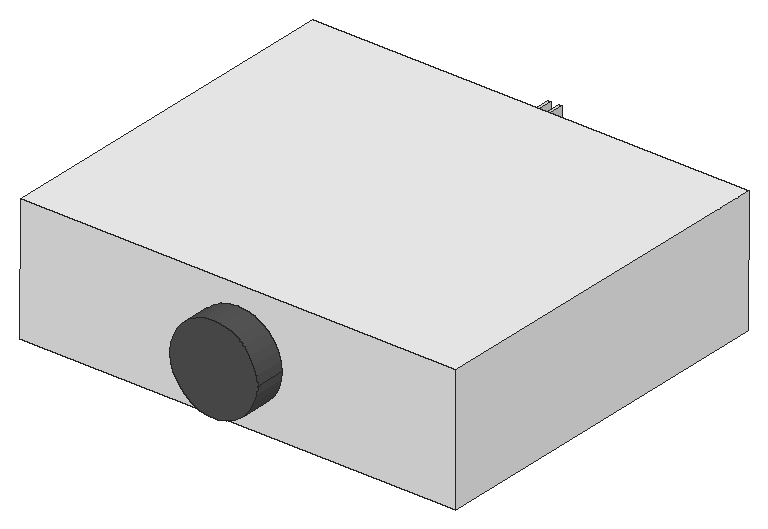
Revit family "Electronics_Masking-Loudspeakers_Biamp_Cambridge_Low-Profile-Loudspeakers_DS1390_1398", category Communication Devices, host Face, Revit 2020
Family settings
  Host = Face
  Maintain Annotation Orientation = No
  Round Connector Dimension = Use Diameter
  Part Type = Normal
  OmniClass Number = 23.85.10.11.11
  OmniClass Title = Sound and Signal Devices
  Cut with Voids When Loaded = No
  Shared = No
  Room Calculation Point = No
Parameters (values of type "DS1398 White")
  Width = 6.25"  # constant formula
  Weight = 1.75 lbf
  URL = "https://www.biamp.com/"
  Transformer Taps = "-"
  Shipping Weight = 20.80 lbf
  Shipping Dimensions = "12.80” x 10.82” x 14.29” (10-pack)"  # constant formula
  Sensitivity = "2.83 V at 1 m: 80.7dB SPL"  # constant formula
  Quantity Drivers = "2"
  Product data url = "https://www.bimobject.com/biamp/product/ds1398_masking-loudspeaker"
  Product Page URL = "https://www.biamp.com/products/product-families/cambridge/masking-loudspeakers#ds1398"
  Product Documentation Link = "https://downloads.biamp.com/assets/docs/default-source/data-sheets/biamp_data_sheet_dynasound_ds1398.pdf"
  Power Handling = "-"
  Output Power Rating = "10W continuous"
  Nominal Impedance = "4 ohm"  # constant formula
  Nominal Dispersion = "160° H x 325° V"  # constant formula
  Model = "DS1398"
  Manufacturer = "Biamp"  # constant formula
  Loudspeaker Type = "Dual horizontally opposed high performance drivers. 70.7 V"  # constant formula
  Housing Material = Biamp - Metal - White
  Height = 1.80078"  # constant formula
  Frequency Response = "-10dB down: 160Hz to 6300Hz"  # constant formula
  Driver Diameter = "4 inches × 1.5 inches (102 mm × 38 mm)"  # constant formula
  Description = "Dynasound® DS1398 Low Profile Sound Masking and Paging Speaker"
  Depth = 5.25"  # constant formula
  Default Elevation = 48.00"
  DS1398 = not(DS1390)  # yes
  DS1390 = no
  Cooling = "Front vented"  # constant formula
  Connections = "2- Wire Pigtail\r"  # constant formula
  Compliance = "ETL Listed (USA), CSA Listed (Canada)"
  Certifications = "-"
  Cabling = "2 Conductor 18AWG to 16AWG, plenum rated"  # constant formula
  Assembly Code = ""
  Offset from Installation Surface [instance] = 0.00"
Types (5): name | Weight | Transformer Taps | Shipping Weight | Quantity Drivers | Product data url | Product Page URL | Product Documentation Link | Power Handling | Output Power Rating | Model | Housing Material | Description | DS1398 | DS1390 | Compliance | Certifications
  (no name) | 1.75 lbf | "-" | 20.80 lbf | "2" | "https://www.bimobject.com/biamp/product/ds1398_masking-loudspeaker" | "https://www.biamp.com/products/product-families/cambridge/masking-loudspeakers#ds1398" | "https://downloads.biamp.com/assets/docs/default-source/data-sheets/biamp_data_sheet_dynasound_ds1398.pdf" | "-" | "10W continuous" | "DS1398" | Biamp - Metal - White | "Dynasound® DS1398 Low Profile Sound Masking and Paging Speaker" | yes | no | "ETL Listed (USA), CSA Listed (Canada)" | "-"
  DS1390 White | 2.00 lbf | "1/8,1/4, 1/2,1,2,4 watts" | 15.85 lbf | "-" | "https://www.bimobject.com/biamp/product/ds1390_masking-loudspeaker" | "https://www.biamp.com/products/product-families/cambridge/masking-loudspeakers#ds1390" | "https://downloads.biamp.com/assets/docs/default-source/data-sheets/biamp_dynasound_ds1390_data_sheet_jun21vf.pdf" | "4 Watts at 70.7 V" | "-" | "DS1390" | Biamp - Metal - White | "Dynasound® DS1390 Low Profile Sound Masking and Paging Speaker" | no | yes | "-" | "UL1480 and CSA C22.2 60065"
  DS1398 White | 1.75 lbf | "-" | 20.80 lbf | "2" | "https://www.bimobject.com/biamp/product/ds1398_masking-loudspeaker" | "https://www.biamp.com/products/product-families/cambridge/masking-loudspeakers#ds1398" | "https://downloads.biamp.com/assets/docs/default-source/data-sheets/biamp_data_sheet_dynasound_ds1398.pdf" | "-" | "10W continuous" | "DS1398" | Biamp - Metal - White | "Dynasound® DS1398 Low Profile Sound Masking and Paging Speaker" | yes | no | "ETL Listed (USA), CSA Listed (Canada)" | "-"
  DS1390 Black | 2.00 lbf | "1/8,1/4, 1/2,1,2,4 watts" | 15.85 lbf | "-" | "https://www.bimobject.com/biamp/product/ds1390_masking-loudspeaker" | "https://www.biamp.com/products/product-families/cambridge/masking-loudspeakers#ds1390" | "https://downloads.biamp.com/assets/docs/default-source/data-sheets/biamp_dynasound_ds1390_data_sheet_jun21vf.pdf" | "4 Watts at 70.7 V" | "-" | "DS1390" | Biamp - Metal - Black | "Dynasound® DS1390 Low Profile Sound Masking and Paging Speaker" | no | yes | "-" | "UL1480 and CSA C22.2 60065"
  DS1398 Black | 1.75 lbf | "-" | 20.80 lbf | "2" | "https://www.bimobject.com/biamp/product/ds1398_masking-loudspeaker" | "https://www.biamp.com/products/product-families/cambridge/masking-loudspeakers#ds1398" | "https://downloads.biamp.com/assets/docs/default-source/data-sheets/biamp_data_sheet_dynasound_ds1398.pdf" | "-" | "10W continuous" | "DS1398" | Biamp - Metal - Black | "Dynasound® DS1398 Low Profile Sound Masking and Paging Speaker" | yes | no | "ETL Listed (USA), CSA Listed (Canada)" | "-"
Reference planes (in)
  plane 1 "Center (Front/Back)": y = 0
  plane 2: z = 0
  plane 3 "Center (Left/Right)": x = 0
  plane 4: x = -3.125
  plane 5: x = 3.125
  plane 6: y = 2.625
  plane 7: y = -2.625
  plane 8: z = 1.80078
  plane 9: z = 0.90039
  plane 10: y = -3.06063
  plane 11: y = 3.06063
  plane 12: z = 0
Forms (in)
  Extrusion 1, solid, material "Biamp - Metal - White" <- "Housing Material"
    sketch origin (-3.125, -180, 0) x (-1, 0, 0) y (0, -1, 0)
      loop
        line (0, -182.625) -> (0, -177.375) -> (-6.25, -177.375) -> (-6.25, -182.625) -> (0, -182.625)
    from 0 to 1.80078
  Extrusion 2, solid, material "Biamp - Plastic - Black", detail levels medium+fine
    sketch origin (0, 0, 4) x (1, 0, 0) y (0, 0, 1)
      loop
        circle (0, -3.09961) r 0.62665
    from 2.625 to 3.06063
  Extrusion 3, solid, material "Biamp - Metal - Silver", detail levels medium+fine
    sketch origin (0, 0, 4) x (1, 0, 0) y (0, 0, 1)
      loop
        line (0.06335, -3.52322) -> (0.06335, -3.83304) -> (0.0946, -3.83304) -> (0.0946, -3.54017)
        arc (0.0946, -3.54017) -> (0.32898, -3.09961) -> (0.0946, -2.65905) r 0.53125
        line (0.0946, -2.65905) -> (0.0946, -2.36618) -> (0.06335, -2.36618) -> (0.06335, -2.676)
        arc (0.06335, -2.676) -> (0.29773, -3.09961) -> (0.06335, -3.52322) r 0.5
    from -3.06063 to -2.625
  Extrusion 4, void
    sketch origin (0.0946, 0, 0.45983) x (0, 0, 1) y (0, 1, 0)
      loop
        circle (1.04117, 2.84282) r 0.04886
      loop
        circle (-0.16006, 2.84282) r 0.04886
    from 0 to 0.18921
  Extrusion 5, solid, material "Biamp - Metal - Silver", visible <- "DS1390", detail levels medium+fine
    sketch origin (0, 0, 4) x (0, 1, 0) y (0, 0, 1)
      loop
        arc (2.96459, -2.32958) -> (2.7334, -2.35694) -> (2.625, -2.56297) r 0.25
        line (2.625, -2.56297) -> (2.625, -3.63625)
        arc (2.625, -3.63625) -> (2.7334, -3.84228) -> (2.96459, -3.86964) r 0.25
        line (2.96459, -3.86964) -> (4.51253, -3.27545)
        arc (4.51253, -3.27545) -> (4.63338, -3.09961) -> (4.51253, -2.92377) r 0.18835
        line (4.51253, -2.92377) -> (2.96459, -2.32958)
      loop
        circle (4.20347, -3.09961) r 0.12406
      loop
        circle (2.84282, -3.70022) r 0.04886
      loop
        circle (2.84282, -2.49899) r 0.04886
    from 0.01573 to -0.01425
  Extrusion 6, solid, material "Biamp - Metal - Silver", detail levels medium+fine
    sketch origin (0.0946, 0, 1.34095) x (0, 0, 1) y (0, -1, 0)
      loop
        circle (0.16006, -2.84282) r 0.04563
    from -0.18921 to 0.12065
  Extrusion 7, solid, material "Biamp - Metal - Silver", detail levels medium+fine
    sketch origin (-0.0946, 0, 0.16696) x (0, 0, 1) y (0, 1, 0)
      loop
        circle (1.33404, 2.84282) r 0.07803
    from 0.08018 to 0
  Extrusion 8, solid, material "Biamp - Metal - Silver", detail levels medium+fine
    sketch origin (0.0946, 0, 0.45983) x (0, 0, -1) y (0, 1, 0)
      loop
        circle (0.16006, 2.84282) r 0.04563
    from -0.18921 to 0.12065
  Extrusion 9, solid, material "Biamp - Metal - Silver", detail levels medium+fine
    sketch origin (-0.0946, 0, 0.16696) x (0, 0, 1) y (0, 1, 0)
      loop
        circle (0.13281, 2.84282) r 0.07803
    from 0.08018 to 0
  Extrusion 10, solid, material "Biamp - Metal - Silver", detail levels medium+fine
    sketch origin (-0.06335, 0, 4) x (-1, 0, 0) y (0, 0, -1)
      loop
        line (0, 3.83304) -> (0, 2.36618) -> (0.03125, 2.36618) -> (0.03125, 3.83304) -> (0, 3.83304)
    from -3.06063 to -2.625
  Extrusion 11, void
    sketch origin (-3.125, 2.625, 0) x (1, 0, 0) y (0, 0, -1)
      loop
        arc (3.14073, -1.35036) -> (3.42273, -0.90039) -> (3.14073, -0.45042) r 0.5
        line (3.14073, -0.45042) -> (3.14073, -1.35036)
    from 0 to -0.06202
  Extrusion 12, solid, material "Biamp - Metal - White" <- "Housing Material"
    sketch origin (0, 0, 0) x (1, 0, 0) y (0, 0, 1)
      loop
        circle (0.12792, 0.90039) r 0.03222
    from -2.42941 to -2.56298
Cuts and joins
  Extrusion 4 cuts Extrusion 3
  joined: Extrusion 6, Extrusion 7
  Extrusion 4 cuts Extrusion 10
  Extrusion 11 cuts Extrusion 1
  joined: Extrusion 1, Extrusion 12
Lines and regions (in)
  Masking region 1, detail levels medium+fine
    outline origin (0, 0, 0) x (1, 0, 0) y (0, 1, 0)
      loop
        line (-3.125, 2.625) -> (-3.125, -2.625) -> (-0.62665, -2.625) -> (-0.62665, -3.06063) -> (0.62665, -3.06063) -> (0.62665, -2.625) -> (3.125, -2.625) -> (3.125, 2.625) -> (0.32898, 2.625) -> (0.32898, 3.06063) -> (0.06335, 3.06063) -> (0.06335, 2.625) -> (-0.06335, 2.625) -> (-0.06335, 3.06063) -> (-0.0946, 3.06063) -> (-0.0946, 2.92085) -> (-0.17479, 2.92085) -> (-0.17479, 2.76478) -> (-0.0946, 2.76478) -> (-0.0946, 2.625) -> (-3.125, 2.625)
  Masking region 2, visible <- "DS1398", detail levels medium+fine
    outline origin (0, 0, 0) x (1, 0, 0) y (0, 1, 0)
      loop
        line (0.06335, 2.79718) -> (0.06335, 2.88845) -> (-0.06335, 2.88845) -> (-0.06335, 2.79718) -> (0.06335, 2.79718)
  Masking region 3, visible <- "DS1390", detail levels medium+fine
    outline origin (0, 0, 0) x (1, 0, 0) y (0, 1, 0)
      loop
        line (0.06335, 2.79718) -> (0.06335, 2.88845) -> (0.01606, 2.88845) -> (0.01606, 4.63338) -> (-0.01498, 4.63338) -> (-0.01498, 2.88845) -> (-0.06335, 2.88845) -> (-0.06335, 2.79718) -> (-0.01498, 2.79718) -> (-0.01498, 2.625) -> (0.01606, 2.625) -> (0.01606, 2.79718) -> (0.06335, 2.79718)
  Masking region 4, detail levels coarse
    outline origin (0, 0, 0) x (1, 0, 0) y (0, 1, 0)
      loop
        line (-3.125, 2.625) -> (-3.125, -2.625) -> (3.125, -2.625) -> (3.125, 2.625) -> (-3.125, 2.625)
  symbolic lines, style "CommunicationDevices", detail levels medium+fine
    curve 1: line (0.13145, 0, 1.54674) -> (0.13145, 0, 1.45537)
  symbolic lines, detail levels medium+fine
    curve 2: line (-3.125, 2.625, 0) -> (3.125, 2.625, 0)
    curve 3: line (-3.125, -2.625, 0) -> (3.125, -2.625, 0)
    curve 4: line (-0.0946, 3.06063, 0) -> (-0.0946, 2.625, 0)
    curve 5: line (0.0946, 3.06063, 0) -> (0.0946, 2.625, 0)
    curve 6: line (0.21525, 2.88845, 0) -> (0.0946, 2.88845, 0)
    curve 7: line (0.21525, 2.88845, 0) -> (0.21525, 2.79718, 0)
    curve 8: line (0.21525, 2.79718, 0) -> (0.0946, 2.79718, 0)
  symbolic lines, visible <- "DS1390", detail levels medium+fine
    curve 9: line (-0.01498, 4.63338, 0) -> (-0.01498, 2.625, 0)
    curve 10: line (0.01606, 2.625, 0) -> (0.01606, 4.63338, 0)
  model lines
    curve 11: line (0.01573, 0, 1.35036) -> (0.29773, 0, 0.90039)
    curve 12: line (0.29773, 0, 0.90039) -> (0.01573, 0, 0.45042)
    curve 13: line (0.01573, 0, 0.45042) -> (0.01573, 0, 1.35036)
Dimensions and locks (in)
  equal spacing: plane 4, plane 3 "Center (Left/Right)", plane 5
  equal spacing: plane 6, plane 1 "Center (Front/Back)", plane 7
  "Width": plane 4 to plane 5
  "Depth": plane 6 to plane 7
  locked: plane 7 to plane 10 at 0.43563
  equal spacing: plane 8, plane 9, plane 12
  "Height": plane 8 to plane 12
  "Offset from Installation Surface": plane 12 to level
  locked: Extrusion 5 sketch curve to plane 9 at 0.60062
  locked: plane 9 to Extrusion 5 sketch curve at 0.60062
  locked: plane 9 to Extrusion 5 sketch curve at 0.53664
  locked: Extrusion 5 sketch curve to plane 9 at 0.53664
  locked: Extrusion 3 sketch curve to plane 9 at 0.73343
  locked: plane 9 to Extrusion 3 sketch curve at 0.73343
  locked: Extrusion 10 sketch curve to plane 9 at 0.73343
  locked: plane 9 to Extrusion 10 sketch curve at 0.73343
  radius of Extrusion 5 sketch curve = 0.25"  (x2)
  radius of Extrusion 5 sketch curve = 0.18835"
  radius of Extrusion 5 sketch curve = 0.12406"
  radius of Extrusion 3 sketch curve = 0.50"
  radius of Extrusion 3 sketch curve = 0.53125"
  radius of Extrusion 12 sketch curve = 0.03222"
  aligned and locked: plane 2 to host face
  aligned and locked: level to host face
  aligned and locked: Extrusion 1 sketch curve to plane 6
  aligned and locked: plane 4 to Extrusion 1 sketch curve
  aligned and locked: plane 7 to Extrusion 1 sketch curve
  aligned and locked: Extrusion 1 sketch curve to plane 5
  aligned and locked: plane 8 to Extrusion 1
  aligned and locked: plane 7 to Extrusion 2
  aligned and locked: plane 10 to Extrusion 2
  aligned and locked: Extrusion 3 to plane 6
  aligned and locked: Extrusion 3 to plane 11
  aligned and locked: plane 9 to Extrusion 5 sketch curve  (x2)
  aligned and locked: plane 9 to Extrusion 3 sketch curve
  aligned and locked: Masking region 1 sketch curve to plane 4
  aligned and locked: Masking region 1 sketch curve to plane 10
  aligned and locked: Masking region 1 sketch curve to plane 7
  aligned and locked: Masking region 1 sketch curve to plane 5
  aligned and locked: Masking region 1 sketch curve to plane 6
  aligned and locked: Masking region 4 sketch curve to plane 6
  aligned and locked: Masking region 4 sketch curve to plane 5
  aligned and locked: Masking region 4 sketch curve to plane 7
  aligned and locked: plane 9 to Extrusion 12 sketch curve
Automatic sketch dimensions
  host sketch curve to host sketch curve = 96.00"  (x2)
  Extrusion 2 sketch curve to plane 3 "Center (Left/Right)" = 0.00"
  Extrusion 2 sketch curve to plane 9 = 0.00"
  Extrusion 5 sketch curve to plane 6 = 0.00"
  Extrusion 5 sketch curve to Extrusion 5 sketch curve = 0.03218"  (x2)
  Extrusion 5 sketch curve to Extrusion 5 sketch curve = 0.24156"
  Extrusion 5 sketch curve to Extrusion 5 sketch curve = 0.0675"
  Extrusion 5 sketch curve to Extrusion 5 sketch curve = 0.04886"  (x2)
  plane 3 "Center (Left/Right)" to Extrusion 10 sketch curve = 0.06335"
  Extrusion 10 sketch curve to Extrusion 10 sketch curve = 0.03125"
  Extrusion 11 sketch curve to Extrusion 1 = 2.92273"
  Extrusion 1 to Extrusion 11 sketch curve = 0.45042"  (x2)
  Extrusion 11 sketch curve to Extrusion 11 sketch curve = 0.218"
  Extrusion 6 sketch curve to Extrusion 3 = 0.13281"
  Extrusion 3 to Extrusion 6 sketch curve = 0.21782"
  Extrusion 7 sketch curve to Extrusion 10 = 0.13281"
  Extrusion 10 to Extrusion 7 sketch curve = 0.21782"
  Extrusion 3 sketch curve to Extrusion 3 sketch curve = 0.00"  (x2)
  plane 3 "Center (Left/Right)" to Extrusion 3 sketch curve = 0.06335"  (x2)
  Extrusion 3 sketch curve to Extrusion 3 sketch curve = 0.03125"  (x2)
  Extrusion 3 sketch curve to Extrusion 3 sketch curve = 0.01695"
  Extrusion 3 to Extrusion 8 sketch curve = 0.13281"
  Extrusion 3 to Extrusion 8 sketch curve = 0.21782"
  Extrusion 9 sketch curve to Extrusion 10 = 0.13281"
  Extrusion 10 to Extrusion 9 sketch curve = 0.21782"
  Extrusion 3 to Extrusion 4 sketch curve = 0.21782"  (x2)
  Extrusion 4 sketch curve to Extrusion 3 = 1.04117"
  Extrusion 3 to Extrusion 4 sketch curve = 0.13281"
  plane 11 to Masking region 1 sketch curve = 0.00"  (x2)
  Masking region 1 sketch curve to plane 7 = 0.00"
  Masking region 1 sketch curve to plane 3 "Center (Left/Right)" = 0.62665"
  Masking region 1 sketch curve to plane 3 "Center (Left/Right)" = 0.17479"
  Masking region 1 sketch curve to Masking region 1 sketch curve = 0.08018"
  Masking region 1 sketch curve to Masking region 1 sketch curve = 0.03125"  (x2)
  plane 3 "Center (Left/Right)" to Masking region 1 sketch curve = 0.06335"
  plane 3 "Center (Left/Right)" to Masking region 1 sketch curve = 0.62665"
  plane 6 to Masking region 1 sketch curve = 0.13978"
  Masking region 1 sketch curve to Masking region 1 sketch curve = 0.13978"
  Masking region 1 sketch curve to Masking region 1 sketch curve = 0.26562"
  Masking region 1 sketch curve to plane 6 = 0.00"  (x2)
  Masking region 2 sketch curve to plane 3 "Center (Left/Right)" = 0.06335"
  plane 3 "Center (Left/Right)" to Masking region 2 sketch curve = 0.06335"
  plane 6 to Masking region 2 sketch curve = 0.17218"
  Masking region 2 sketch curve to Masking region 2 sketch curve = 0.09127"
  Masking region 3 sketch curve to plane 6 = 0.00"
  Masking region 3 sketch curve to plane 3 "Center (Left/Right)" = 0.06335"
  Masking region 3 sketch curve to plane 3 "Center (Left/Right)" = 0.01498"  (x2)
  plane 3 "Center (Left/Right)" to Masking region 3 sketch curve = 0.06335"
  plane 6 to Masking region 3 sketch curve = 0.17218"
  Masking region 3 sketch curve to plane 11 = 1.57274"
  plane 3 "Center (Left/Right)" to Masking region 3 sketch curve = 0.01606"  (x2)
  Masking region 3 sketch curve to Masking region 3 sketch curve = 0.09127"  (x2)
  Masking region 3 sketch curve to Masking region 3 sketch curve = 0.00"
  curve 3 to plane 4 = 0.00"
  curve 2 to plane 4 = 0.00"
  plane 11 to curve 4 = 0.00"
  curve 10 to plane 6 = 0.00"
  plane 11 to curve 5 = 0.00"
  curve 2 to plane 5 = 0.00"
  curve 3 to plane 5 = 0.00"
  curve 3 to plane 7 = 0.00"
  plane 3 "Center (Left/Right)" to curve 7 = 0.21525"
  plane 6 to curve 8 = 0.17218"
  curve 7 to curve 7 = 0.09127"
  curve 4 to plane 3 "Center (Left/Right)" = 0.0946"
  curve 9 to plane 3 "Center (Left/Right)" = 0.01498"
  plane 3 "Center (Left/Right)" to curve 10 = 0.01606"
  plane 3 "Center (Left/Right)" to curve 8 = 0.0946"
  curve 10 to plane 11 = 1.57274"
  curve 9 to curve 10 = 0.00"
  Masking region 4 sketch curve to plane 4 = 0.00"
  plane 3 "Center (Left/Right)" to curve 13 = 0.01573"
  curve 13 to plane 9 = 0.44997"
  plane 3 "Center (Left/Right)" to curve 1 = 0.13145"
  curve 11 to curve 1 = 0.10501"
  curve 1 to curve 1 = 0.09137"
  plane 3 "Center (Left/Right)" to Extrusion 12 sketch curve = 0.12792"
  curve 12 to plane 9 = 0.00"
  plane 3 "Center (Left/Right)" to curve 12 = 0.29773"
  plane 9 to curve 11 = 0.44997"
  radius of Extrusion 2 sketch curve = 0.62665"
  radius of Extrusion 6 sketch curve = 0.04563"
  radius of Extrusion 7 sketch curve = 0.07803"
  radius of Extrusion 8 sketch curve = 0.04563"
  radius of Extrusion 9 sketch curve = 0.07803"
  radius of Extrusion 4 sketch curve = 0.04886"  (x2)
Connectors (in)
  electrical at (0.12792, 2.56298, 0.90039)
    settings: on Extrusion 12, index 1, voltage 0 V, apparent load 0 VA, apparent load phase1 0 VA, apparent load phase2 0 VA, apparent load phase3 0 VA, power factor 1, load classification "Other", number of poles 1, system type 5, power factor state 1, is connector primary yes, connector utility no, sub classification motor no, connector description "2- Wire Pigtail; 70.7 V"
